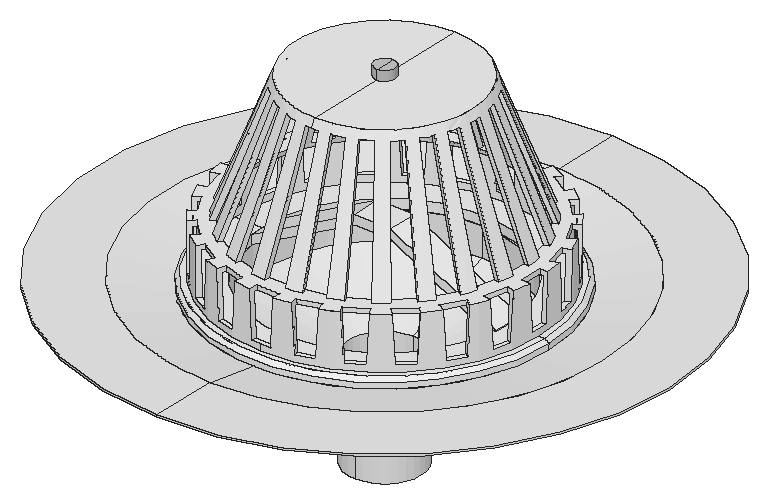
Revit family "Plumbing_Drainage_Menzies-Metal_Clamp-Tite_Copper-Drain-TPO_No-Hub", category Plumbing Fixtures, host Face, Revit 2018
Family settings
  Host = Face
  Round Connector Dimension = Use Diameter
  Part Type = Normal
  OmniClass Number = 23.70.50.21.24.11
  OmniClass Title = Roof Waste Water Drains
  Cut with Voids When Loaded = No
  Shared = No
  Room Calculation Point = No
Parameters (values of type "2"")
  Weight = 3.61 lbf
  URL = "https://www.menzies-metal.com/tpo-products/clamp-tite-spun-copper-drain-no-hub-tpo/"
  Product data url = "https://www.bimobject.com/menzies-metal/product/clamptite-copper-nohub-tpo"
  Product Material = Metal - Menzies Metal Products - Copper TPO Coated
  Product Guid = "b2ac0273-2f91-42be-8c76-979c71e526d7"
  Pipe Length = if(Pipe Diameter = 0' 2", 0' 4 1/2", if(Pipe Diameter = 0' 3", 0' 4 1/2", if(Pipe Diameter = 0' 4", 0' 3 3/4", 0' 4 1/2")))  # 0' - 4 1/2"
  Pipe Diameter = 2"
  Model = "300-3180TPO"
  Manufacturer = "Menzies Metal Products"  # constant formula
  Edition number = 1
  Drain Flow = 0 GPM
  Description = "Clamp-Tite Spun Copper Drain No Hub TPO"  # constant formula
  Default Elevation = 4' - 0"
  Connector = "Standard sized couplers. Not supplied by manufacturer"  # constant formula
  Assembly Code = "D2040200"
Types (3): name | Weight | Pipe Length | Pipe Diameter | Model
  2" | 3.61 lbf | 0' - 4 1/2" | 2" | "300-3180TPO"
  3" | 3.87 lbf | 0' - 4 1/2" | 3" | "300-3185TPO"
  4" | 4.48 lbf | 0' - 3 3/4" | 4" | "300-3190TPO"
Reference planes (in)
  plane 1 "Center (Front/Back)": y = 0
  plane 2: z = 0
  plane 3 "Center (Left/Right)": x = 0
  plane 4: z = -4.5
  plane 5: y = 1
  plane 6: y = -1
  plane 7: y = 0.40591
  plane 8: y = -0.40591
Forms (in)
  Revolve 1, solid, material "Metal - Menzies Metal Products - Aluminum", detail levels coarse
    sketch origin (0, 0, 0) x (0, 1, 0) y (0, 0, 1)
      loop
        line (2.40013, 4.98) -> (0, 4.98) -> (0, 0.05387) -> (4.23823, 0.05387) -> (4.23823, 1.48) -> (3.74365, 1.48) -> (2.40013, 4.98)
      axis (0, 4.98) -> (0, 0.05387)
    angle from 0 to 360
  Revolve 2, solid, material "Metal - Menzies Metal Products - Copper TPO Coated" <- "Product Material", detail levels coarse
    sketch origin (0, 0, 0) x (0, 1, 0) y (0, 0, 1)
      loop
        line (7.812, 0.05) -> (0, 0.05) -> (0, -4.5) -> (1, -4.5) -> (1, -1.863) -> (3.425, -0.98037) -> (3.425, -0.25) -> (4.5, -0.25) -> (6, 0) -> (7.812, 0) -> (7.812, 0.05)
      axis (0, 0.05) -> (0, -4.5)
    angle from 0 to 360
  Revolve 3, solid, material "Metal - Menzies Metal Products - Stainless Steel", detail levels medium+fine
    sketch origin (0, 0, 0) x (0, 1, 0) y (0, 0, 1)
      loop
        line (0.27255, 5.23) -> (0, 5.23) -> (0, 0.98) -> (0.11813, 0.98) -> (0.11813, 4.98) -> (0.27255, 4.98) -> (0.27255, 5.23)
      axis (0, 5.23) -> (0, 0.98)
    angle from 0 to 360
  Revolve 4, solid, material "Metal - Menzies Metal Products - Aluminum", detail levels medium+fine
    sketch origin (0, 0, 0) x (0, 1, 0) y (0, 0, 1)
      loop
        line (2.40013, 4.98) -> (0, 4.98) -> (0, 4.855) -> (2.31422, 4.855) -> (3.65774, 1.355) -> (4.11323, 1.355) -> (4.11323, 0.05387) -> (4.23823, 0.05387) -> (4.23823, 1.48) -> (3.74365, 1.48) -> (2.40013, 4.98)
      axis (0, 4.98) -> (0, 0.05387)
    angle from 0 to 360
  Extrusion 5, void
    sketch origin (0, 0, 0) x (-1, 0, 0) y (0, 0, 1)
      loop
        line (0.17396, 4.76) -> (-0.17396, 4.76) -> (-0.2885, 1.48) -> (0.2885, 1.48) -> (0.17396, 4.76)
    from -4.68215 to -1.5
  Extrusion 6, void
    sketch origin (0, 0, 0) x (1, 0, 0) y (0, 0, 1)
      loop
        line (-0.25077, 0.23171) -> (0.25077, 0.23171) -> (0.31619, 1.48) -> (-0.31619, 1.48) -> (-0.25077, 0.23171)
    from 4.0004 to 4.40138
  Extrusion 7, void
    sketch origin (0, 0, 0) x (-0.965926, -0.258819, 0) y (0, 0, 1)
      loop
        line (0.17396, 4.76) -> (-0.17396, 4.76) -> (-0.2885, 1.48) -> (0.2885, 1.48) -> (0.17396, 4.76)
    from -4.68215 to -1.5
  Extrusion 8, void
    sketch origin (0, 0, 0) x (0.965926, 0.258819, 0) y (0, 0, 1)
      loop
        line (-0.25077, 0.23171) -> (0.25077, 0.23171) -> (0.31619, 1.48) -> (-0.31619, 1.48) -> (-0.25077, 0.23171)
    from 4.0004 to 4.40138
  Extrusion 9, void
    sketch origin (0, 0, 0) x (-0.866025, -0.5, 0) y (0, 0, 1)
      loop
        line (0.17396, 4.76) -> (-0.17396, 4.76) -> (-0.2885, 1.48) -> (0.2885, 1.48) -> (0.17396, 4.76)
    from -4.68215 to -1.5
  Extrusion 10, void
    sketch origin (0, 0, 0) x (0.866025, 0.5, 0) y (0, 0, 1)
      loop
        line (-0.25077, 0.23171) -> (0.25077, 0.23171) -> (0.31619, 1.48) -> (-0.31619, 1.48) -> (-0.25077, 0.23171)
    from 4.0004 to 4.40138
  Extrusion 11, void
    sketch origin (0, 0, 0) x (-0.707107, -0.707107, 0) y (0, 0, 1)
      loop
        line (0.17396, 4.76) -> (-0.17396, 4.76) -> (-0.2885, 1.48) -> (0.2885, 1.48) -> (0.17396, 4.76)
    from -4.68215 to -1.5
  Extrusion 12, void
    sketch origin (0, 0, 0) x (0.707107, 0.707107, 0) y (0, 0, 1)
      loop
        line (-0.25077, 0.23171) -> (0.25077, 0.23171) -> (0.31619, 1.48) -> (-0.31619, 1.48) -> (-0.25077, 0.23171)
    from 4.0004 to 4.40138
  Extrusion 13, void
    sketch origin (0, 0, 0) x (-0.5, -0.866025, 0) y (0, 0, 1)
      loop
        line (0.17396, 4.76) -> (-0.17396, 4.76) -> (-0.2885, 1.48) -> (0.2885, 1.48) -> (0.17396, 4.76)
    from -4.68215 to -1.5
  Extrusion 14, void
    sketch origin (0, 0, 0) x (0.5, 0.866025, 0) y (0, 0, 1)
      loop
        line (-0.25077, 0.23171) -> (0.25077, 0.23171) -> (0.31619, 1.48) -> (-0.31619, 1.48) -> (-0.25077, 0.23171)
    from 4.0004 to 4.40138
  Extrusion 15, void
    sketch origin (0, 0, 0) x (-0.258819, -0.965926, 0) y (0, 0, 1)
      loop
        line (0.17396, 4.76) -> (-0.17396, 4.76) -> (-0.2885, 1.48) -> (0.2885, 1.48) -> (0.17396, 4.76)
    from -4.68215 to -1.5
  Extrusion 16, void
    sketch origin (0, 0, 0) x (0.258819, 0.965926, 0) y (0, 0, 1)
      loop
        line (-0.25077, 0.23171) -> (0.25077, 0.23171) -> (0.31619, 1.48) -> (-0.31619, 1.48) -> (-0.25077, 0.23171)
    from 4.0004 to 4.40138
  Extrusion 17, void
    sketch origin (0, 0, 0) x (0, -1, 0) y (0, 0, 1)
      loop
        line (0.17396, 4.76) -> (-0.17396, 4.76) -> (-0.2885, 1.48) -> (0.2885, 1.48) -> (0.17396, 4.76)
    from -4.68215 to -1.5
  Extrusion 18, void
    sketch origin (0, 0, 0) x (0, 1, 0) y (0, 0, 1)
      loop
        line (-0.25077, 0.23171) -> (0.25077, 0.23171) -> (0.31619, 1.48) -> (-0.31619, 1.48) -> (-0.25077, 0.23171)
    from 4.0004 to 4.40138
  Extrusion 19, void
    sketch origin (0, 0, 0) x (0.258819, -0.965926, 0) y (0, 0, 1)
      loop
        line (0.17396, 4.76) -> (-0.17396, 4.76) -> (-0.2885, 1.48) -> (0.2885, 1.48) -> (0.17396, 4.76)
    from -4.68215 to -1.5
  Extrusion 20, void
    sketch origin (0, 0, 0) x (-0.258819, 0.965926, 0) y (0, 0, 1)
      loop
        line (-0.25077, 0.23171) -> (0.25077, 0.23171) -> (0.31619, 1.48) -> (-0.31619, 1.48) -> (-0.25077, 0.23171)
    from 4.0004 to 4.40138
  Extrusion 21, void
    sketch origin (0, 0, 0) x (0.5, -0.866025, 0) y (0, 0, 1)
      loop
        line (0.17396, 4.76) -> (-0.17396, 4.76) -> (-0.2885, 1.48) -> (0.2885, 1.48) -> (0.17396, 4.76)
    from -4.68215 to -1.5
  Extrusion 22, void
    sketch origin (0, 0, 0) x (-0.5, 0.866025, 0) y (0, 0, 1)
      loop
        line (-0.25077, 0.23171) -> (0.25077, 0.23171) -> (0.31619, 1.48) -> (-0.31619, 1.48) -> (-0.25077, 0.23171)
    from 4.0004 to 4.40138
  Extrusion 23, void
    sketch origin (0, 0, 0) x (0.707107, -0.707107, 0) y (0, 0, 1)
      loop
        line (0.17396, 4.76) -> (-0.17396, 4.76) -> (-0.2885, 1.48) -> (0.2885, 1.48) -> (0.17396, 4.76)
    from -4.68215 to -1.5
  Extrusion 24, void
    sketch origin (0, 0, 0) x (-0.707107, 0.707107, 0) y (0, 0, 1)
      loop
        line (-0.25077, 0.23171) -> (0.25077, 0.23171) -> (0.31619, 1.48) -> (-0.31619, 1.48) -> (-0.25077, 0.23171)
    from 4.0004 to 4.40138
  Extrusion 25, void
    sketch origin (0, 0, 0) x (0.866025, -0.5, 0) y (0, 0, 1)
      loop
        line (0.17396, 4.76) -> (-0.17396, 4.76) -> (-0.2885, 1.48) -> (0.2885, 1.48) -> (0.17396, 4.76)
    from -4.68215 to -1.5
  Extrusion 26, void
    sketch origin (0, 0, 0) x (-0.866025, 0.5, 0) y (0, 0, 1)
      loop
        line (-0.25077, 0.23171) -> (0.25077, 0.23171) -> (0.31619, 1.48) -> (-0.31619, 1.48) -> (-0.25077, 0.23171)
    from 4.0004 to 4.40138
  Extrusion 27, void
    sketch origin (0, 0, 0) x (0.965926, -0.258819, 0) y (0, 0, 1)
      loop
        line (0.17396, 4.76) -> (-0.17396, 4.76) -> (-0.2885, 1.48) -> (0.2885, 1.48) -> (0.17396, 4.76)
    from -4.68215 to -1.5
  Extrusion 28, void
    sketch origin (0, 0, 0) x (-0.965926, 0.258819, 0) y (0, 0, 1)
      loop
        line (-0.25077, 0.23171) -> (0.25077, 0.23171) -> (0.31619, 1.48) -> (-0.31619, 1.48) -> (-0.25077, 0.23171)
    from 4.0004 to 4.40138
  Extrusion 29, void
    sketch origin (0, 0, 0) x (1, 0, 0) y (0, 0, 1)
      loop
        line (0.17396, 4.76) -> (-0.17396, 4.76) -> (-0.2885, 1.48) -> (0.2885, 1.48) -> (0.17396, 4.76)
    from -4.68215 to -1.5
  Extrusion 30, void
    sketch origin (0, 0, 0) x (-1, 0, 0) y (0, 0, 1)
      loop
        line (-0.25077, 0.23171) -> (0.25077, 0.23171) -> (0.31619, 1.48) -> (-0.31619, 1.48) -> (-0.25077, 0.23171)
    from 4.0004 to 4.40138
  Extrusion 31, void
    sketch origin (0, 0, 0) x (0.965926, 0.258819, 0) y (0, 0, 1)
      loop
        line (0.17396, 4.76) -> (-0.17396, 4.76) -> (-0.2885, 1.48) -> (0.2885, 1.48) -> (0.17396, 4.76)
    from -4.68215 to -1.5
  Extrusion 32, void
    sketch origin (0, 0, 0) x (-0.965926, -0.258819, 0) y (0, 0, 1)
      loop
        line (-0.25077, 0.23171) -> (0.25077, 0.23171) -> (0.31619, 1.48) -> (-0.31619, 1.48) -> (-0.25077, 0.23171)
    from 4.0004 to 4.40138
  Extrusion 33, void
    sketch origin (0, 0, 0) x (0.866025, 0.5, 0) y (0, 0, 1)
      loop
        line (0.17396, 4.76) -> (-0.17396, 4.76) -> (-0.2885, 1.48) -> (0.2885, 1.48) -> (0.17396, 4.76)
    from -4.68215 to -1.5
  Extrusion 34, void
    sketch origin (0, 0, 0) x (-0.866025, -0.5, 0) y (0, 0, 1)
      loop
        line (-0.25077, 0.23171) -> (0.25077, 0.23171) -> (0.31619, 1.48) -> (-0.31619, 1.48) -> (-0.25077, 0.23171)
    from 4.0004 to 4.40138
  Extrusion 35, void
    sketch origin (0, 0, 0) x (0.707107, 0.707107, 0) y (0, 0, 1)
      loop
        line (0.17396, 4.76) -> (-0.17396, 4.76) -> (-0.2885, 1.48) -> (0.2885, 1.48) -> (0.17396, 4.76)
    from -4.68215 to -1.5
  Extrusion 36, void
    sketch origin (0, 0, 0) x (-0.707107, -0.707107, 0) y (0, 0, 1)
      loop
        line (-0.25077, 0.23171) -> (0.25077, 0.23171) -> (0.31619, 1.48) -> (-0.31619, 1.48) -> (-0.25077, 0.23171)
    from 4.0004 to 4.40138
  Extrusion 37, void
    sketch origin (0, 0, 0) x (0.5, 0.866025, 0) y (0, 0, 1)
      loop
        line (0.17396, 4.76) -> (-0.17396, 4.76) -> (-0.2885, 1.48) -> (0.2885, 1.48) -> (0.17396, 4.76)
    from -4.68215 to -1.5
  Extrusion 38, void
    sketch origin (0, 0, 0) x (-0.5, -0.866025, 0) y (0, 0, 1)
      loop
        line (-0.25077, 0.23171) -> (0.25077, 0.23171) -> (0.31619, 1.48) -> (-0.31619, 1.48) -> (-0.25077, 0.23171)
    from 4.0004 to 4.40138
  Extrusion 39, void
    sketch origin (0, 0, 0) x (0.258819, 0.965926, 0) y (0, 0, 1)
      loop
        line (0.17396, 4.76) -> (-0.17396, 4.76) -> (-0.2885, 1.48) -> (0.2885, 1.48) -> (0.17396, 4.76)
    from -4.68215 to -1.5
  Extrusion 40, void
    sketch origin (0, 0, 0) x (-0.258819, -0.965926, 0) y (0, 0, 1)
      loop
        line (-0.25077, 0.23171) -> (0.25077, 0.23171) -> (0.31619, 1.48) -> (-0.31619, 1.48) -> (-0.25077, 0.23171)
    from 4.0004 to 4.40138
  Extrusion 41, void
    sketch origin (0, 0, 0) x (0, 1, 0) y (0, 0, 1)
      loop
        line (0.17396, 4.76) -> (-0.17396, 4.76) -> (-0.2885, 1.48) -> (0.2885, 1.48) -> (0.17396, 4.76)
    from -4.68215 to -1.5
  Extrusion 42, void
    sketch origin (0, 0, 0) x (0, -1, 0) y (0, 0, 1)
      loop
        line (-0.25077, 0.23171) -> (0.25077, 0.23171) -> (0.31619, 1.48) -> (-0.31619, 1.48) -> (-0.25077, 0.23171)
    from 4.0004 to 4.40138
  Extrusion 43, void
    sketch origin (0, 0, 0) x (-0.258819, 0.965926, 0) y (0, 0, 1)
      loop
        line (0.17396, 4.76) -> (-0.17396, 4.76) -> (-0.2885, 1.48) -> (0.2885, 1.48) -> (0.17396, 4.76)
    from -4.68215 to -1.5
  Extrusion 44, void
    sketch origin (0, 0, 0) x (0.258819, -0.965926, 0) y (0, 0, 1)
      loop
        line (-0.25077, 0.23171) -> (0.25077, 0.23171) -> (0.31619, 1.48) -> (-0.31619, 1.48) -> (-0.25077, 0.23171)
    from 4.0004 to 4.40138
  Extrusion 45, void
    sketch origin (0, 0, 0) x (-0.5, 0.866025, 0) y (0, 0, 1)
      loop
        line (0.17396, 4.76) -> (-0.17396, 4.76) -> (-0.2885, 1.48) -> (0.2885, 1.48) -> (0.17396, 4.76)
    from -4.68215 to -1.5
  Extrusion 46, void
    sketch origin (0, 0, 0) x (0.5, -0.866025, 0) y (0, 0, 1)
      loop
        line (-0.25077, 0.23171) -> (0.25077, 0.23171) -> (0.31619, 1.48) -> (-0.31619, 1.48) -> (-0.25077, 0.23171)
    from 4.0004 to 4.40138
  Extrusion 47, void
    sketch origin (0, 0, 0) x (-0.707107, 0.707107, 0) y (0, 0, 1)
      loop
        line (0.17396, 4.76) -> (-0.17396, 4.76) -> (-0.2885, 1.48) -> (0.2885, 1.48) -> (0.17396, 4.76)
    from -4.68215 to -1.5
  Extrusion 48, void
    sketch origin (0, 0, 0) x (0.707107, -0.707107, 0) y (0, 0, 1)
      loop
        line (-0.25077, 0.23171) -> (0.25077, 0.23171) -> (0.31619, 1.48) -> (-0.31619, 1.48) -> (-0.25077, 0.23171)
    from 4.0004 to 4.40138
  Extrusion 49, void
    sketch origin (0, 0, 0) x (-0.866025, 0.5, 0) y (0, 0, 1)
      loop
        line (0.17396, 4.76) -> (-0.17396, 4.76) -> (-0.2885, 1.48) -> (0.2885, 1.48) -> (0.17396, 4.76)
    from -4.68215 to -1.5
  Extrusion 50, void
    sketch origin (0, 0, 0) x (0.866025, -0.5, 0) y (0, 0, 1)
      loop
        line (-0.25077, 0.23171) -> (0.25077, 0.23171) -> (0.31619, 1.48) -> (-0.31619, 1.48) -> (-0.25077, 0.23171)
    from 4.0004 to 4.40138
  Extrusion 51, void
    sketch origin (0, 0, 0) x (-0.965926, 0.258819, 0) y (0, 0, 1)
      loop
        line (0.17396, 4.76) -> (-0.17396, 4.76) -> (-0.2885, 1.48) -> (0.2885, 1.48) -> (0.17396, 4.76)
    from -4.68215 to -1.5
  Extrusion 52, void
    sketch origin (0, 0, 0) x (0.965926, -0.258819, 0) y (0, 0, 1)
      loop
        line (-0.25077, 0.23171) -> (0.25077, 0.23171) -> (0.31619, 1.48) -> (-0.31619, 1.48) -> (-0.25077, 0.23171)
    from 4.0004 to 4.40138
  Extrusion 53, solid, material "Metal - Menzies Metal Products - Aluminum", detail levels medium+fine
    sketch origin (0, 0, 0) x (1, 0, 0) y (0, 0, 1)
      loop
        line (-3.375, 0.05) -> (-3.375, -0.19772) -> (-0.50436, 1.3) -> (0.50436, 1.3) -> (3.375, -0.19772) -> (3.375, 0.05) -> (0.5, 1.55) -> (-0.5, 1.55) -> (-3.375, 0.05)
    from -0.40591 to 0.40591
  Revolve 54, solid, material "Metal - Menzies Metal Products - Aluminum", detail levels medium+fine
    sketch origin (0, 0, 0) x (1, 0, 0) y (0, 0, 1)
      loop
        line (-3.375, -0.19772) -> (-3.375, 0.05) -> (-4.39127, 0.05) -> (-4.4953, -0.05403) -> (-4.50032, -0.19772) -> (-3.375, -0.19772)
      axis (0, 0.05) -> (0, -0.19772)
    angle from 0 to 360
  Revolve 55, solid, material "Metal - Menzies Metal Products - Copper TPO Coated" <- "Product Material", detail levels medium+fine
    sketch origin (0, 0, 0) x (0, 1, 0) y (0, 0, 1)
      loop
        line (1, -1.863) -> (3.425, -0.98037) -> (3.425, -0.25) -> (4.5, -0.25) -> (6, 0) -> (7.812, 0) -> (7.812, 0.05) -> (5.98665, 0.05) -> (4.50032, -0.19772) -> (3.34462, -0.19772) -> (3.34462, -0.98037) -> (0.94922, -1.84466) -> (0.94922, -4.5) -> (1, -4.5) -> (1, -1.863)
      axis (0, 0.05) -> (0, -4.5)
    angle from 0 to 360
  Revolve 56, void
    sketch origin (0, 0, 0) x (0, 1, 0) y (0, 0, 1)
      loop
        line (1, -4.5) -> (1, -1.863) -> (6, 0) -> (0, 0) -> (0, -4.5) -> (1, -4.5)
      axis (0, 0) -> (0, -4.5)
    angle from 0 to 360
Cuts and joins
  Extrusion 5, Extrusion 6, Extrusion 7, Extrusion 8, Extrusion 9, Extrusion 10, Extrusion 11, Extrusion 12, Extrusion 13, Extrusion 14, Extrusion 15, Extrusion 16, Extrusion 17, Extrusion 18, Extrusion 19, Extrusion 20, Extrusion 21, Extrusion 22, Extrusion 23, Extrusion 24, Extrusion 25, Extrusion 26, Extrusion 27, Extrusion 28, Extrusion 29, Extrusion 30, Extrusion 31, Extrusion 32, Extrusion 33, Extrusion 34, Extrusion 35, Extrusion 36, Extrusion 37, Extrusion 38, Extrusion 39, Extrusion 40, Extrusion 41, Extrusion 42, Extrusion 43, Extrusion 44, Extrusion 45, Extrusion 46, Extrusion 47, Extrusion 48, Extrusion 49, Extrusion 50, Extrusion 51, Extrusion 52 cuts Revolve 4
Lines and regions (in)
  Masking region 1
    outline origin (0, 0, 0) x (1, 0, 0) y (0, 1, 0)
      loop
        circle (0, 0) r 7.812
  symbolic lines, detail levels medium+fine
    curve 1: arc (4.39127, 0, 0) -> (0, 4.39127, 0) -> (-4.39127, 0, 0) r 4.39127
    curve 2: arc (-4.39127, 0, 0) -> (0, -4.39127, 0) -> (4.39127, 0, 0) r 4.39127
  symbolic lines, style "PlumbingFixturesHiddenLines", detail levels medium+fine
    curve 3: arc (0, -1, 0) -> (1, 0, 0) -> (0, 1, 0) r 1
    curve 4: arc (0, 1, 0) -> (-1, 0, 0) -> (0, -1, 0) r 1
Dimensions and locks (in)
  Revolve 1 sketch curve to Revolve 1 sketch curve to Revolve 1 sketch curve to Revolve 1 sketch curve = 0' - 0.49457" locked, 0' - 1.34352" locked, 0' - 2.40013" locked
  Revolve 1 sketch curve to Revolve 1 sketch curve to Revolve 1 sketch curve to level = 0' - 3 1/2" locked, 0' - 1.42613" locked, 0' - 0.05387" locked
  "Pipe Length": host face to plane 4
  equal spacing: plane 5, plane 1 "Center (Front/Back)", plane 6
  "Pipe Diameter": plane 5 to plane 6
  Revolve 2 sketch curve to level to host face to Revolve 2 sketch curve to Revolve 2 sketch curve = 0' - 0.05" locked, 0' - 0" locked, 0' - 0 1/4" locked, 0' - 0.73037" locked
  locked: level to Revolve 2 sketch curve at 1.863
  Revolve 2 sketch curve to Revolve 2 sketch curve to Revolve 2 sketch curve to Revolve 2 sketch curve to plane 1 "Center (Front/Back)" = 0' - 1.812" locked, 0' - 1 1/2" locked, 0' - 1.075" locked, 0' - 3.425" locked
  Revolve 3 sketch curve to Revolve 3 sketch curve to Revolve 3 sketch curve to Revolve 3 sketch curve = 0' - 0.15442", 0' - 0.11813" locked, 0' - 0" locked
  Revolve 3 sketch curve to Revolve 3 sketch curve to Revolve 3 sketch curve to plane 2 = 0' - 0 1/4" locked, 0' - 4" locked, 0' - 0.98" locked
  Revolve 4 sketch curve to Revolve 4 sketch curve to Revolve 4 sketch curve to Revolve 4 sketch curve to Revolve 4 sketch curve to Revolve 4 sketch curve to plane 1 "Center (Front/Back)" = 0' - 0 1/8" locked, 0' - 0.36957" locked, 0' - 0.08591" locked, 0' - 1.25761" locked, 0' - 0.08591" locked, 0' - 2.31422" locked
  Revolve 4 sketch curve to Revolve 4 sketch curve to level = 0' - 3 1/2" locked, 0' - 1.355" locked
  Extrusion 5 sketch curve to Extrusion 5 sketch curve to Extrusion 5 sketch curve to Extrusion 5 sketch curve = 0' - 0.11454", 0' - 0.34792" locked, 0' - 0.11454"
  locked: Extrusion 5 sketch curve to Extrusion 5 sketch curve at 3.28
  Extrusion 6 sketch curve to Extrusion 6 sketch curve to Extrusion 6 sketch curve to Extrusion 6 sketch curve = 0' - 0.06542" locked, 0' - 0.50155" locked, 0' - 0.06542" locked
  locked: Extrusion 6 sketch curve to Extrusion 6 sketch curve at 1.24829
  Extrusion 7 sketch curve to Extrusion 7 sketch curve to Extrusion 7 sketch curve to Extrusion 7 sketch curve = 0' - 0.11454", 0' - 0.34792" locked, 0' - 0.11454"
  locked: Extrusion 7 sketch curve to Extrusion 7 sketch curve at 3.28
  Extrusion 8 sketch curve to Extrusion 8 sketch curve to Extrusion 8 sketch curve to Extrusion 8 sketch curve = 0' - 0.06542" locked, 0' - 0.50155" locked, 0' - 0.06542" locked
  locked: Extrusion 8 sketch curve to Extrusion 8 sketch curve at 1.24829
  Extrusion 9 sketch curve to Extrusion 9 sketch curve to Extrusion 9 sketch curve to Extrusion 9 sketch curve = 0' - 0.11454", 0' - 0.34792" locked, 0' - 0.11454"
  locked: Extrusion 9 sketch curve to Extrusion 9 sketch curve at 3.28
  Extrusion 10 sketch curve to Extrusion 10 sketch curve to Extrusion 10 sketch curve to Extrusion 10 sketch curve = 0' - 0.06542" locked, 0' - 0.50155" locked, 0' - 0.06542" locked
  locked: Extrusion 10 sketch curve to Extrusion 10 sketch curve at 1.24829
  Extrusion 11 sketch curve to Extrusion 11 sketch curve to Extrusion 11 sketch curve to Extrusion 11 sketch curve = 0' - 0.11454", 0' - 0.34792" locked, 0' - 0.11454"
  locked: Extrusion 11 sketch curve to Extrusion 11 sketch curve at 3.28
  Extrusion 12 sketch curve to Extrusion 12 sketch curve to Extrusion 12 sketch curve to Extrusion 12 sketch curve = 0' - 0.06542" locked, 0' - 0.50155" locked, 0' - 0.06542" locked
  locked: Extrusion 12 sketch curve to Extrusion 12 sketch curve at 1.24829
  Extrusion 13 sketch curve to Extrusion 13 sketch curve to Extrusion 13 sketch curve to Extrusion 13 sketch curve = 0' - 0.11454", 0' - 0.34792" locked, 0' - 0.11454"
  locked: Extrusion 13 sketch curve to Extrusion 13 sketch curve at 3.28
  Extrusion 14 sketch curve to Extrusion 14 sketch curve to Extrusion 14 sketch curve to Extrusion 14 sketch curve = 0' - 0.06542" locked, 0' - 0.50155" locked, 0' - 0.06542" locked
  locked: Extrusion 14 sketch curve to Extrusion 14 sketch curve at 1.24829
  Extrusion 15 sketch curve to Extrusion 15 sketch curve to Extrusion 15 sketch curve to Extrusion 15 sketch curve = 0' - 0.11454", 0' - 0.34792" locked, 0' - 0.11454"
  locked: Extrusion 15 sketch curve to Extrusion 15 sketch curve at 3.28
  Extrusion 16 sketch curve to Extrusion 16 sketch curve to Extrusion 16 sketch curve to Extrusion 16 sketch curve = 0' - 0.06542" locked, 0' - 0.50155" locked, 0' - 0.06542" locked
  locked: Extrusion 16 sketch curve to Extrusion 16 sketch curve at 1.24829
  Extrusion 17 sketch curve to Extrusion 17 sketch curve to Extrusion 17 sketch curve to Extrusion 17 sketch curve = 0' - 0.11454", 0' - 0.34792" locked, 0' - 0.11454"
  locked: Extrusion 17 sketch curve to Extrusion 17 sketch curve at 3.28
  Extrusion 18 sketch curve to Extrusion 18 sketch curve to Extrusion 18 sketch curve to Extrusion 18 sketch curve = 0' - 0.06542" locked, 0' - 0.50155" locked, 0' - 0.06542" locked
  locked: Extrusion 18 sketch curve to Extrusion 18 sketch curve at 1.24829
  Extrusion 19 sketch curve to Extrusion 19 sketch curve to Extrusion 19 sketch curve to Extrusion 19 sketch curve = 0' - 0.11454", 0' - 0.34792" locked, 0' - 0.11454"
  locked: Extrusion 19 sketch curve to Extrusion 19 sketch curve at 3.28
  Extrusion 20 sketch curve to Extrusion 20 sketch curve to Extrusion 20 sketch curve to Extrusion 20 sketch curve = 0' - 0.06542" locked, 0' - 0.50155" locked, 0' - 0.06542" locked
  locked: Extrusion 20 sketch curve to Extrusion 20 sketch curve at 1.24829
  Extrusion 21 sketch curve to Extrusion 21 sketch curve to Extrusion 21 sketch curve to Extrusion 21 sketch curve = 0' - 0.11454", 0' - 0.34792" locked, 0' - 0.11454"
  locked: Extrusion 21 sketch curve to Extrusion 21 sketch curve at 3.28
  Extrusion 22 sketch curve to Extrusion 22 sketch curve to Extrusion 22 sketch curve to Extrusion 22 sketch curve = 0' - 0.06542" locked, 0' - 0.50155" locked, 0' - 0.06542" locked
  locked: Extrusion 22 sketch curve to Extrusion 22 sketch curve at 1.24829
  Extrusion 23 sketch curve to Extrusion 23 sketch curve to Extrusion 23 sketch curve to Extrusion 23 sketch curve = 0' - 0.11454", 0' - 0.34792" locked, 0' - 0.11454"
  locked: Extrusion 23 sketch curve to Extrusion 23 sketch curve at 3.28
  Extrusion 24 sketch curve to Extrusion 24 sketch curve to Extrusion 24 sketch curve to Extrusion 24 sketch curve = 0' - 0.06542" locked, 0' - 0.50155" locked, 0' - 0.06542" locked
  locked: Extrusion 24 sketch curve to Extrusion 24 sketch curve at 1.24829
  Extrusion 25 sketch curve to Extrusion 25 sketch curve to Extrusion 25 sketch curve to Extrusion 25 sketch curve = 0' - 0.11454", 0' - 0.34792" locked, 0' - 0.11454"
  locked: Extrusion 25 sketch curve to Extrusion 25 sketch curve at 3.28
  Extrusion 26 sketch curve to Extrusion 26 sketch curve to Extrusion 26 sketch curve to Extrusion 26 sketch curve = 0' - 0.06542" locked, 0' - 0.50155" locked, 0' - 0.06542" locked
  locked: Extrusion 26 sketch curve to Extrusion 26 sketch curve at 1.24829
  Extrusion 27 sketch curve to Extrusion 27 sketch curve to Extrusion 27 sketch curve to Extrusion 27 sketch curve = 0' - 0.11454", 0' - 0.34792" locked, 0' - 0.11454"
  locked: Extrusion 27 sketch curve to Extrusion 27 sketch curve at 3.28
  Extrusion 28 sketch curve to Extrusion 28 sketch curve to Extrusion 28 sketch curve to Extrusion 28 sketch curve = 0' - 0.06542" locked, 0' - 0.50155" locked, 0' - 0.06542" locked
  locked: Extrusion 28 sketch curve to Extrusion 28 sketch curve at 1.24829
  Extrusion 29 sketch curve to Extrusion 29 sketch curve to Extrusion 29 sketch curve to Extrusion 29 sketch curve = 0' - 0.11454", 0' - 0.34792" locked, 0' - 0.11454"
  locked: Extrusion 29 sketch curve to Extrusion 29 sketch curve at 3.28
  Extrusion 30 sketch curve to Extrusion 30 sketch curve to Extrusion 30 sketch curve to Extrusion 30 sketch curve = 0' - 0.06542" locked, 0' - 0.50155" locked, 0' - 0.06542" locked
  locked: Extrusion 30 sketch curve to Extrusion 30 sketch curve at 1.24829
  Extrusion 31 sketch curve to Extrusion 31 sketch curve to Extrusion 31 sketch curve to Extrusion 31 sketch curve = 0' - 0.11454", 0' - 0.34792" locked, 0' - 0.11454"
  locked: Extrusion 31 sketch curve to Extrusion 31 sketch curve at 3.28
  Extrusion 32 sketch curve to Extrusion 32 sketch curve to Extrusion 32 sketch curve to Extrusion 32 sketch curve = 0' - 0.06542" locked, 0' - 0.50155" locked, 0' - 0.06542" locked
  locked: Extrusion 32 sketch curve to Extrusion 32 sketch curve at 1.24829
  Extrusion 33 sketch curve to Extrusion 33 sketch curve to Extrusion 33 sketch curve to Extrusion 33 sketch curve = 0' - 0.11454", 0' - 0.34792" locked, 0' - 0.11454"
  locked: Extrusion 33 sketch curve to Extrusion 33 sketch curve at 3.28
  Extrusion 34 sketch curve to Extrusion 34 sketch curve to Extrusion 34 sketch curve to Extrusion 34 sketch curve = 0' - 0.06542" locked, 0' - 0.50155" locked, 0' - 0.06542" locked
  locked: Extrusion 34 sketch curve to Extrusion 34 sketch curve at 1.24829
  Extrusion 35 sketch curve to Extrusion 35 sketch curve to Extrusion 35 sketch curve to Extrusion 35 sketch curve = 0' - 0.11454", 0' - 0.34792" locked, 0' - 0.11454"
  locked: Extrusion 35 sketch curve to Extrusion 35 sketch curve at 3.28
  Extrusion 36 sketch curve to Extrusion 36 sketch curve to Extrusion 36 sketch curve to Extrusion 36 sketch curve = 0' - 0.06542" locked, 0' - 0.50155" locked, 0' - 0.06542" locked
  locked: Extrusion 36 sketch curve to Extrusion 36 sketch curve at 1.24829
  Extrusion 37 sketch curve to Extrusion 37 sketch curve to Extrusion 37 sketch curve to Extrusion 37 sketch curve = 0' - 0.11454", 0' - 0.34792" locked, 0' - 0.11454"
  locked: Extrusion 37 sketch curve to Extrusion 37 sketch curve at 3.28
  Extrusion 38 sketch curve to Extrusion 38 sketch curve to Extrusion 38 sketch curve to Extrusion 38 sketch curve = 0' - 0.06542" locked, 0' - 0.50155" locked, 0' - 0.06542" locked
  locked: Extrusion 38 sketch curve to Extrusion 38 sketch curve at 1.24829
  Extrusion 39 sketch curve to Extrusion 39 sketch curve to Extrusion 39 sketch curve to Extrusion 39 sketch curve = 0' - 0.11454", 0' - 0.34792" locked, 0' - 0.11454"
  locked: Extrusion 39 sketch curve to Extrusion 39 sketch curve at 3.28
  Extrusion 40 sketch curve to Extrusion 40 sketch curve to Extrusion 40 sketch curve to Extrusion 40 sketch curve = 0' - 0.06542" locked, 0' - 0.50155" locked, 0' - 0.06542" locked
  locked: Extrusion 40 sketch curve to Extrusion 40 sketch curve at 1.24829
  Extrusion 41 sketch curve to Extrusion 41 sketch curve to Extrusion 41 sketch curve to Extrusion 41 sketch curve = 0' - 0.11454", 0' - 0.34792" locked, 0' - 0.11454"
  locked: Extrusion 41 sketch curve to Extrusion 41 sketch curve at 3.28
  Extrusion 42 sketch curve to Extrusion 42 sketch curve to Extrusion 42 sketch curve to Extrusion 42 sketch curve = 0' - 0.06542" locked, 0' - 0.50155" locked, 0' - 0.06542" locked
  locked: Extrusion 42 sketch curve to Extrusion 42 sketch curve at 1.24829
  Extrusion 43 sketch curve to Extrusion 43 sketch curve to Extrusion 43 sketch curve to Extrusion 43 sketch curve = 0' - 0.11454", 0' - 0.34792" locked, 0' - 0.11454"
  locked: Extrusion 43 sketch curve to Extrusion 43 sketch curve at 3.28
  Extrusion 44 sketch curve to Extrusion 44 sketch curve to Extrusion 44 sketch curve to Extrusion 44 sketch curve = 0' - 0.06542" locked, 0' - 0.50155" locked, 0' - 0.06542" locked
  locked: Extrusion 44 sketch curve to Extrusion 44 sketch curve at 1.24829
  Extrusion 45 sketch curve to Extrusion 45 sketch curve to Extrusion 45 sketch curve to Extrusion 45 sketch curve = 0' - 0.11454", 0' - 0.34792" locked, 0' - 0.11454"
  locked: Extrusion 45 sketch curve to Extrusion 45 sketch curve at 3.28
  Extrusion 46 sketch curve to Extrusion 46 sketch curve to Extrusion 46 sketch curve to Extrusion 46 sketch curve = 0' - 0.06542" locked, 0' - 0.50155" locked, 0' - 0.06542" locked
  locked: Extrusion 46 sketch curve to Extrusion 46 sketch curve at 1.24829
  Extrusion 47 sketch curve to Extrusion 47 sketch curve to Extrusion 47 sketch curve to Extrusion 47 sketch curve = 0' - 0.11454", 0' - 0.34792" locked, 0' - 0.11454"
  locked: Extrusion 47 sketch curve to Extrusion 47 sketch curve at 3.28
  Extrusion 48 sketch curve to Extrusion 48 sketch curve to Extrusion 48 sketch curve to Extrusion 48 sketch curve = 0' - 0.06542" locked, 0' - 0.50155" locked, 0' - 0.06542" locked
  locked: Extrusion 48 sketch curve to Extrusion 48 sketch curve at 1.24829
  Extrusion 49 sketch curve to Extrusion 49 sketch curve to Extrusion 49 sketch curve to Extrusion 49 sketch curve = 0' - 0.11454", 0' - 0.34792" locked, 0' - 0.11454"
  locked: Extrusion 49 sketch curve to Extrusion 49 sketch curve at 3.28
  Extrusion 50 sketch curve to Extrusion 50 sketch curve to Extrusion 50 sketch curve to Extrusion 50 sketch curve = 0' - 0.06542" locked, 0' - 0.50155" locked, 0' - 0.06542" locked
  locked: Extrusion 50 sketch curve to Extrusion 50 sketch curve at 1.24829
  Extrusion 51 sketch curve to Extrusion 51 sketch curve to Extrusion 51 sketch curve to Extrusion 51 sketch curve = 0' - 0.11454", 0' - 0.34792" locked, 0' - 0.11454"
  locked: Extrusion 51 sketch curve to Extrusion 51 sketch curve at 3.28
  Extrusion 52 sketch curve to Extrusion 52 sketch curve to Extrusion 52 sketch curve to Extrusion 52 sketch curve = 0' - 0.06542" locked, 0' - 0.50155" locked, 0' - 0.06542" locked
  locked: Extrusion 52 sketch curve to Extrusion 52 sketch curve at 1.24829
  Extrusion 53 sketch curve to Extrusion 53 sketch curve to Extrusion 53 sketch curve to plane 3 "Center (Left/Right)" to Extrusion 53 sketch curve to Extrusion 53 sketch curve to Extrusion 53 sketch curve = 0' - 2.87064" locked, 0' - 0.00436" locked, 0' - 0 1/2" locked, 0' - 0 1/2" locked, 0' - 0.00436" locked, 0' - 2.87064" locked
  Extrusion 53 sketch curve to Extrusion 53 sketch curve to Extrusion 53 sketch curve to Extrusion 53 sketch curve to level to Extrusion 53 sketch curve to Extrusion 53 sketch curve = 0' - 0 1/4" locked, 0' - 1 1/4" locked, 0' - 0" locked, 0' - 0.05" locked, 0' - 0.19772" locked, 0' - 0" locked
  equal spacing: plane 8, plane 1 "Center (Front/Back)", plane 7
  locked: plane 7 to plane 8 at 0.81181
  Revolve 54 sketch curve to level to Revolve 54 sketch curve to Revolve 54 sketch curve = 0' - 0.05" locked, 0' - 0.05403" locked, 0' - 0.1437" locked
  plane 3 "Center (Left/Right)" to Extrusion 53 to Revolve 54 sketch curve to Revolve 54 sketch curve to Revolve 54 sketch curve = 0' - 3 3/8" locked, 0' - 1.01627" locked, 0' - 0.10403" locked, 0' - 0.00502" locked
  locked: plane 5 to Revolve 55 sketch curve at 0.05078
  Revolve 55 sketch curve to Revolve 55 sketch curve to Revolve 55 sketch curve to Revolve 55 sketch curve to Revolve 55 sketch curve to Revolve 55 sketch curve to Revolve 55 sketch curve to Revolve 55 sketch curve = 0' - 1.812" locked, 0' - 0.01335" locked, 0' - 1.48634" locked, 0' - 0.00032" locked, 0' - 1.075" locked, 0' - 0.08038" locked, 0' - 3.34462" locked
  Revolve 55 sketch curve to level to Revolve 55 sketch curve to Revolve 55 sketch curve to Revolve 55 sketch curve to Revolve 55 sketch curve to Revolve 55 sketch curve to Revolve 55 sketch curve to Revolve 55 sketch curve = 0' - 0.05" locked, 0' - 0" locked, 0' - 0.19772" locked, 0' - 0.05228" locked, 0' - 0.73037" locked, 0' - 0" locked, 0' - 0.86429" locked, 0' - 0.01833" locked
  locked: level to Revolve 56 sketch curve at 1.863
  locked: Revolve 56 sketch curve to Revolve 56 sketch curve at 6
  aligned and locked: plane 2 to host face
  aligned and locked: level to host face
  aligned and locked: Revolve 2 sketch curve to plane 4
  aligned and locked: Revolve 2 sketch curve to plane 5
  aligned and locked: Revolve 3 sketch curve to plane 1 "Center (Front/Back)"
  aligned and locked: Revolve 4 sketch curve to plane 1 "Center (Front/Back)"
  aligned and locked: Revolve 4 sketch curve to Revolve 1  (x3)
  aligned and locked: plane 1 "Center (Front/Back)" to Revolve 4 sketch curve
  aligned and locked: plane 7 to Extrusion 53
  aligned and locked: Extrusion 53 to plane 8
  aligned and locked: Revolve 54 sketch curve to plane 3 "Center (Left/Right)"
  aligned and locked: Revolve 55 sketch curve to plane 1 "Center (Front/Back)"
  aligned and locked: plane 5 to Revolve 55 sketch curve
  aligned and locked: Revolve 55 sketch curve to plane 4
  aligned and locked: Revolve 56 sketch curve to plane 1 "Center (Front/Back)"
  aligned and locked: Revolve 56 sketch curve to plane 2
  aligned and locked: Revolve 56 sketch curve to plane 4
  aligned and locked: Revolve 56 sketch curve to plane 5
  aligned and locked: Masking region 1 sketch curve to Revolve 55  (x2)
  aligned and locked: curve 1 to Revolve 54
  aligned and locked: curve 2 to Revolve 54
  aligned and locked: curve 3 to Revolve 55
  aligned and locked: curve 4 to Revolve 55
Automatic sketch dimensions
  host sketch curve to host sketch curve = 8' - 0"  (x2)
  Revolve 1 sketch curve to plane 1 "Center (Front/Back)" = 0' - 0"  (x2)
  Revolve 1 sketch curve to plane 4 = 0' - 7.17947"
  Revolve 1 sketch curve to Revolve 1 sketch curve = 7' - 3.29586"
  Revolve 2 sketch curve to plane 1 "Center (Front/Back)" = 0' - 0"  (x2)
  Revolve 2 sketch curve to level = 0' - 0"
  Revolve 2 sketch curve to plane 4 = 0' - 7.17947"
  Revolve 2 sketch curve to Revolve 2 sketch curve = 7' - 8.22586"
  Revolve 3 sketch curve to plane 4 = 1' - 8 1/4"
  Revolve 3 sketch curve to Revolve 3 sketch curve = 7' - 3.04586"
  Revolve 4 sketch curve to plane 4 = 1' - 8 1/4"
  Revolve 4 sketch curve to Revolve 4 sketch curve = 7' - 3.29586"
  Revolve 54 sketch curve to Revolve 54 sketch curve = 0' - 1.01627"
  Revolve 54 sketch curve to plane 4 = 1' - 8 1/4"
  level to Revolve 54 sketch curve = 8' - 6.71882"
  Revolve 55 sketch curve to Revolve 55 sketch curve = 1' - 8 1/4"
  Revolve 55 sketch curve to Revolve 55 sketch curve = 7' - 10.13885"
  Revolve 56 sketch curve to plane 1 "Center (Front/Back)" = 0' - 0"
  Revolve 56 sketch curve to plane 4 = 1' - 8 1/4"
  Revolve 56 sketch curve to Revolve 56 sketch curve = 7' - 8.27586"
  level to Extrusion 31 sketch curve = 0' - 1.48"
  level to Extrusion 32 sketch curve = 0' - 1.48"
  level to Extrusion 21 sketch curve = 0' - 1.48"
  level to Extrusion 22 sketch curve = 0' - 1.48"
Connectors (in)
  piping at (0, 0, -4.5), diameter 2, driven by "Drain Flow", driven by "Pipe Diameter"
    settings: on Revolve 55, index 1, connector inside diameter 24", connector length 0' - 0", flow factor 0, pipe flow 0 GPM, pressure drop 0.00 psi, fitting loss kfactor 0, connector angle 0.00°, fixture units 0, engagement length 0' - 0", angle of deflection 0.00°, flow configuration 0, flow direction 2, fitting loss method 0, system type 22, joint type 0, gender type 0, connector reference index -1, connector utility 0, adjustable connector no, is connector primary yes, connector description "Connector for Roof Drain"
